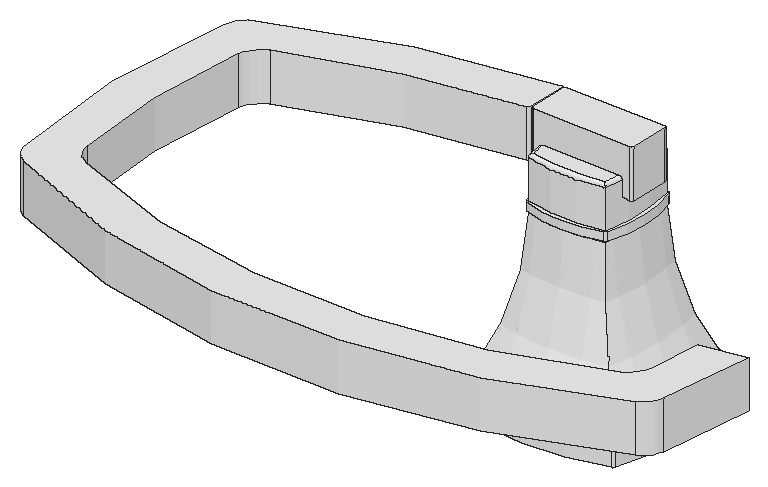
Revit family "Toilet_Holder-Grohe-Grandera-40625_Seriesxxx", category Specialty Equipment, host Face, Revit 2014
Parameters (values of type "40625000")
  Width = 2 5/16"  # constant formula
  URL = "https://www.grohe.us"
  Type Comments = ""
  Product Page URL = "https://www.grohe.us/en_us/grohe-grandera-toilet-paper-holder-40625000.html"
  Price = "Prices may vary. Please consult Manufacturer Representative for most up-to-date price list."  # constant formula
  Model = "40625000"
  Material = "Metal-Grohe-000-Chrome"
  Manufacturer = "Grohe"  # constant formula
  Length = 6 1/8"  # constant formula
  Installation Type = "Wall Mounted"  # constant formula
  Height = 4 5/8"  # constant formula
  Finish = Metal-Grohe-000-Chrome
  Description = "Grandera Toilet Paper Holder"  # constant formula
  Default Elevation = 16"  # constant formula
  Creation Date = "08/02/2017"  # constant formula
  Assembly Code = "C1030200"
Types (2): name | Product Page URL | Model | Material | Finish
  40625000 | "https://www.grohe.us/en_us/grohe-grandera-toilet-paper-holder-40625000.html" | "40625000" | "Metal-Grohe-000-Chrome" | Metal-Grohe-000-Chrome
  40625EN0 | "https://www.grohe.us/en_us/toilet-paper-holder-40625EN0.html" | "40625EN0" | "Metal-Grohe-EN0-Brushed Nickel" | Metal-Grohe-EN0-Brushed Nickel
Reference planes (in)
  plane 1 "Center (Front/Back)": y = 0
  plane 2: z = 0
  plane 3 "Center (Left/Right)": x = 0
  plane 4: z = 2.3125
  plane 5: y = -0.875
  plane 6: y = 0.875
  plane 7: y = -3.75
Forms (in)
  Extrusion 1, solid, material "Metal-Grohe-000-Chrome" <- "Finish"
    sketch origin (-6.69377, -0.00012, 0) x (-1, 0, 0) y (0, -1, 0)
      loop
        arc (-7.4217, -0.74909) -> (-6.69264, -0.87512) -> (-5.96371, -0.74842) r 2.16599
        arc (-5.96371, -0.74842) -> (-5.95083, -0.74027) -> (-5.94269, -0.72738) r 0.03473
        arc (-5.94269, -0.72738) -> (-5.81701, 0) -> (-5.94269, 0.72738) r 2.16766
        arc (-5.94269, 0.72738) -> (-5.95083, 0.74026) -> (-5.96371, 0.74842) r 0.03473
        arc (-5.96371, 0.74842) -> (-6.69217, 0.87512) -> (-7.4208, 0.74941) r 2.16599
        arc (-7.4208, 0.74941) -> (-7.43444, 0.74079) -> (-7.44305, 0.72715) r 0.0367
        arc (-7.44305, 0.72715) -> (-7.56866, -0.00048) -> (-7.44274, -0.72805) r 2.16766
        arc (-7.44274, -0.72805) -> (-7.43459, -0.74094) -> (-7.4217, -0.74909) r 0.03473
    from 0 to 0.19685
  Sweep 2, solid, material "Metal-Grohe-000-Chrome" <- "Finish"
    path origin (-6.69377, -0.00012, 0) x (-1, 0, 0) y (0, 1, 0)
      loop
        arc (-7.35775, 0.66391) -> (-7.46888, -0.00004) -> (-7.3576, -0.66396) r 2.0375
        arc (-7.3576, -0.66396) -> (-6.69345, -0.77524) -> (-6.02929, -0.66396) r 2.0375
        arc (-6.02929, -0.66396) -> (-5.91801, -0.00004) -> (-6.02914, 0.66391) r 2.0375
        arc (-6.02914, 0.66391) -> (-6.69345, 0.77524) -> (-7.35775, 0.66391) r 2.0375
    profile origin (0.77511, -0.00016, 0) x (1, -0.000112, 0) y (0, 0, 1)
      loop
        arc (-0.00352, 0.2266) -> (-0.28041, 0.86531) -> (-0.38211, 1.55399) r 2.66013
        arc (-0.38211, 1.55399) -> (-0.38841, 1.56873) -> (-0.40324, 1.5748) r 0.02114
        line (-0.40324, 1.5748) -> (-0.43537, 1.5748) -> (-0.43537, 1.65354) -> (-0.3814, 1.65354) -> (-0.3814, 2.00857)
        arc (-0.3814, 2.00857) -> (-0.39062, 2.03084) -> (-0.41289, 2.04006) r 0.03149
        line (-0.41289, 2.04006) -> (-0.47811, 2.04006) -> (-0.47811, 0.19685) -> (-0.02037, 0.19685)
        arc (-0.02037, 0.19685) -> (-0.00328, 0.20682) -> (-0.00352, 0.2266) r 0.01965
  Extrusion 3, solid, material "Metal-Grohe-000-Chrome" <- "Finish"
    sketch origin (-6.69377, -0.00012, 0) x (-1, 0, 0) y (0, -1, 0)
      loop
        arc (-7.06798, -0.35268) -> (-7.05973, -0.36596) -> (-7.04646, -0.37422) r 0.0344
        arc (-7.04646, -0.37422) -> (-6.69377, -0.43258) -> (-6.34102, -0.37462) r 1.09858
        arc (-6.34102, -0.37462) -> (-6.32743, -0.36618) -> (-6.31899, -0.3526) r 0.03516
        arc (-6.31899, -0.3526) -> (-6.26097, 0.00007) -> (-6.31923, 0.3527) r 1.09858
        arc (-6.31923, 0.3527) -> (-6.32767, 0.36627) -> (-6.34126, 0.3747) r 0.03516
        arc (-6.34126, 0.3747) -> (-6.69358, 0.43258) -> (-7.04586, 0.37442) r 1.09858
        arc (-7.04586, 0.37442) -> (-7.05943, 0.36599) -> (-7.06787, 0.35241) r 0.03516
        arc (-7.06787, 0.35241) -> (-7.12603, -0.00012) -> (-7.06798, -0.35268) r 1.09858
    from 1.5748 to 1.65354
  Extrusion 4, solid, material "Metal-Grohe-000-Chrome" <- "Finish"
    sketch origin (0, 0, 0) x (1, 0, 0) y (0, 1, 0)
      loop
        arc (-0.2736, 0.27288) -> (-0.29765, -0.00013) -> (-0.27353, -0.27313) r 1.55939
        arc (-0.27353, -0.27313) -> (-0.00033, -0.29725) -> (0.27287, -0.27313) r 1.55939
        arc (0.27287, -0.27313) -> (0.29699, -0.00013) -> (0.27294, 0.27288) r 1.55939
        arc (0.27294, 0.27288) -> (-0.00033, 0.29701) -> (-0.2736, 0.27288) r 1.55939
    from 0 to 2.04006
  Extrusion 5, solid, material "Metal-Grohe-000-Chrome" <- "Finish"
    sketch origin (0, 0, 0.04872) x (1, 0, 0) y (0, 1, 0)
      loop
        arc (-2.95734, -0.61658) -> (-3.06595, -1.7709) -> (-2.95769, -2.92526) r 6.19818
        arc (-2.95769, -2.92526) -> (-2.91081, -3.03038) -> (-2.82181, -3.10335) r 0.25
        arc (-2.82181, -3.10335) -> (0.00337, -3.75552) -> (2.82753, -3.09892) r 6.42361
        arc (2.82753, -3.09892) -> (2.9123, -3.02924) -> (2.95696, -2.929) r 0.23877
        arc (2.95696, -2.929) -> (3.02195, -2.50801) -> (3.05811, -2.08356) r 6.24783
        line (3.05811, -2.08356) -> (2.66143, -2.16632) -> (2.61069, -2.63026)
        arc (2.61069, -2.63026) -> (2.5647, -2.74963) -> (2.46569, -2.83063) r 0.25
        arc (2.46569, -2.83063) -> (0.0017, -3.36519) -> (-2.46264, -2.83223) r 5.95493
        arc (-2.46264, -2.83223) -> (-2.55862, -2.75545) -> (-2.60641, -2.64221) r 0.25
        arc (-2.60641, -2.64221) -> (-2.67235, -1.77054) -> (-2.60638, -0.89887) r 5.79371
        arc (-2.60638, -0.89887) -> (-2.55786, -0.78469) -> (-2.46042, -0.70789) r 0.25
        arc (-2.46042, -0.70789) -> (-1.49912, -0.37275) -> (-0.49626, -0.1976) r 6.26966
        arc (-0.49626, -0.1976) -> (-0.47944, -0.18924) -> (-0.47265, -0.17173) r 0.02598
        line (-0.47265, -0.17173) -> (-0.47265, 0.17612)
        arc (-0.47265, 0.17612) -> (-0.48011, 0.19303) -> (-0.49762, 0.19892) r 0.02289
        arc (-0.49762, 0.19892) -> (-1.68666, -0.01628) -> (-2.81923, -0.43747) r 6.83607
        arc (-2.81923, -0.43747) -> (-2.9097, -0.51051) -> (-2.95734, -0.61658) r 0.25
      loop
        arc (0.45808, 0.19763) -> (0.00782, 0.2142) -> (-0.44245, 0.19791) r 6.17998
        arc (-0.44245, 0.19791) -> (-0.45789, 0.19051) -> (-0.46415, 0.17458) r 0.0234
        line (-0.46415, 0.17458) -> (-0.46415, -0.16724)
        arc (-0.46415, -0.16724) -> (-0.45482, -0.18861) -> (-0.4328, -0.19628) r 0.02913
        arc (-0.4328, -0.19628) -> (0.01216, -0.17951) -> (0.45708, -0.19726) r 5.7432
        arc (0.45708, -0.19726) -> (0.47198, -0.19209) -> (0.4783, -0.17764) r 0.01967
        line (0.4783, -0.17764) -> (0.4783, 0.17587)
        arc (0.4783, 0.17587) -> (0.47246, 0.19072) -> (0.45808, 0.19763) r 0.02182
    from 1.82136 to 2.26378
Cuts and joins
  joined: Sweep 2, Extrusion 4, Extrusion 5
Lines and regions (in)
  Masking region 1
    outline origin (0, 0, 0) x (1, 0, 0) y (0, 0, 1)
      loop
        line (-0.875, 0) -> (0.875, 0) -> (0.875, 0.19685) -> (0.755, 0.19685)
        arc (0.755, 0.19685) -> (0.77221, 0.20679) -> (0.77221, 0.22666) r 0.01987
        arc (0.77221, 0.22666) -> (0.4966, 0.86564) -> (0.39369, 1.55387) r 2.69649
        arc (0.39369, 1.55387) -> (0.38728, 1.56875) -> (0.37228, 1.575) r 0.02142
        line (0.37228, 1.575) -> (0.43206, 1.575) -> (0.43206, 1.65354) -> (0.39436, 1.65354) -> (0.39436, 1.87008) -> (3.05811, 1.87008) -> (3.05811, 2.3125) -> (-3.06595, 2.3125) -> (-3.06595, 1.87008) -> (-0.39436, 1.87008) -> (-0.39436, 1.65354) -> (-0.43206, 1.65354) -> (-0.43206, 1.575) -> (-0.37228, 1.57488)
        arc (-0.37228, 1.57488) -> (-0.38728, 1.56875) -> (-0.39369, 1.55387) r 0.02142
        arc (-0.39369, 1.55387) -> (-0.4966, 0.86564) -> (-0.77221, 0.22666) r 2.69649
        arc (-0.77221, 0.22666) -> (-0.77221, 0.20679) -> (-0.755, 0.19685) r 0.01987
        line (-0.755, 0.19685) -> (-0.875, 0.19685) -> (-0.875, 0)
  symbolic lines, detail levels medium+fine
    curve 1: line (0.755, 0, 0.19685) -> (-0.75108, 0, 0.19685)
    curve 10: line (0.38125, 0, 1.87008) -> (0.38125, 0, 2.01127)
    curve 11: line (-0.35303, 0, 2.04006) -> (0.35246, 0, 2.04006)
    curve 12: line (-0.38125, 0, 1.87008) -> (-0.38125, 0, 2.01184)
    curve 13: arc (0.35246, 0, 2.04006) -> (0.37282, 0, 2.03163) -> (0.38125, 0, 2.01127) r 0.02879
    curve 14: arc (-0.38125, 0, 2.01184) -> (-0.37299, 0, 2.0318) -> (-0.35303, 0, 2.04006) r 0.02822
    curve 18: line (0.38125, 0, 1.87008) -> (0.4783, 0, 1.87008)
    curve 19: line (-0.38125, 0, 1.87008) -> (-0.46415, 0, 1.87008)
    curve 20: line (0.4783, 0, 2.3125) -> (0.4783, 0, 1.87008)
    curve 23: line (2.66143, 0, 2.3125) -> (2.66143, 0, 1.87008)
  symbolic lines, detail levels fine
    curve 2: line (0.39436, 0, 1.65354) -> (-0.39436, 0, 1.65354)
    curve 3: line (-0.37331, 0, 1.5748) -> (0.37409, 0, 1.5748)
    curve 4: spline (0.3537, 0, 1.5748) -> (0.35892, 0, 1.4554) -> (0.36798, 0, 1.33641) -> (0.38086, 0, 1.2181) -> (0.39752, 0, 1.10074) -> (0.41794, 0, 0.98461) -> (0.44206, 0, 0.86998) -> (0.46982, 0, 0.75711) -> (0.50117, 0, 0.64626) -> (0.53603, 0, 0.5377) -> (0.57431, 0, 0.43167) -> (0.61594, 0, 0.32842) -> (0.66081, 0, 0.22819)
    curve 5: spline (-0.35479, 0, 1.5748) -> (-0.35756, 0, 1.45535) -> (-0.3646, 0, 1.3363) -> (-0.37589, 0, 1.21794) -> (-0.39143, 0, 1.10053) -> (-0.41115, 0, 0.98435) -> (-0.43503, 0, 0.86967) -> (-0.46301, 0, 0.75675) -> (-0.49502, 0, 0.64587) -> (-0.53098, 0, 0.53726) -> (-0.57082, 0, 0.4312) -> (-0.61443, 0, 0.32792) -> (-0.66173, 0, 0.22766)
    curve 6: spline (-0.66154, 0, 0.22756) -> (-0.66286, 0, 0.2243) -> (-0.66371, 0, 0.22078) -> (-0.66408, 0, 0.21711) -> (-0.66394, 0, 0.21342) -> (-0.6633, 0, 0.20985) -> (-0.66218, 0, 0.20652) -> (-0.66062, 0, 0.20355) -> (-0.65868, 0, 0.20103) -> (-0.65643, 0, 0.19906) -> (-0.65393, 0, 0.19771) -> (-0.65129, 0, 0.19703) -> (-0.64859, 0, 0.19703)
    curve 7: spline (0.66067, 0, 0.22813) -> (0.6619, 0, 0.22488) -> (0.66268, 0, 0.22134) -> (0.66299, 0, 0.21762) -> (0.66281, 0, 0.21388) -> (0.66215, 0, 0.21023) -> (0.66104, 0, 0.20682) -> (0.65951, 0, 0.20376) -> (0.65761, 0, 0.20117) -> (0.65543, 0, 0.19914) -> (0.65303, 0, 0.19775) -> (0.6505, 0, 0.19703) -> (0.64794, 0, 0.19703)
    curve 8: line (0.3552, 0, 1.65354) -> (0.3552, 0, 2.01062)
    curve 9: line (-0.35586, 0, 1.87841) -> (-0.35586, 0, 1.65354)
    curve 15: spline (0.32867, 0, 2.03979) -> (0.33178, 0, 2.0399) -> (0.33486, 0, 2.03947) -> (0.33788, 0, 2.03849) -> (0.34079, 0, 2.037) -> (0.34353, 0, 2.03502) -> (0.34608, 0, 2.03256) -> (0.34838, 0, 2.02968) -> (0.35041, 0, 2.02642) -> (0.35213, 0, 2.02282) -> (0.35352, 0, 2.01895) -> (0.35454, 0, 2.01486) -> (0.3552, 0, 2.01062)
    curve 16: spline (-0.32933, 0, 2.03979) -> (-0.3324, 0, 2.0399) -> (-0.33545, 0, 2.03946) -> (-0.33844, 0, 2.03848) -> (-0.34133, 0, 2.03697) -> (-0.34407, 0, 2.03496) -> (-0.34661, 0, 2.03248) -> (-0.34892, 0, 2.02957) -> (-0.35096, 0, 2.02628) -> (-0.3527, 0, 2.02265) -> (-0.35411, 0, 2.01875) -> (-0.35517, 0, 2.01463) -> (-0.35586, 0, 2.01036)
    curve 17: line (-0.35586, 0, 2.01036) -> (-0.35586, 0, 1.65354)
    curve 21: line (-0.46415, 0, 1.87008) -> (-0.46415, 0, 2.3125)
    curve 22: line (-0.47265, 0, 2.3125) -> (-0.47265, 0, 1.87008)
Dimensions and locks (in)
  plane 4 to plane 2 = 2 5/16"
  aligned and locked: plane 2 to host face
  aligned and locked: level to host face
